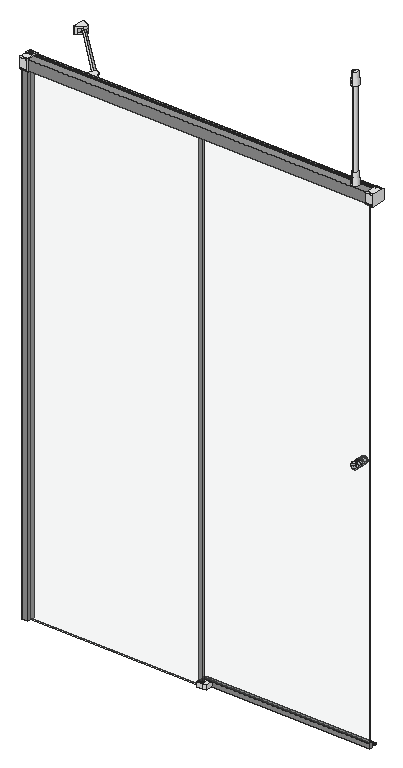
Revit family "Sanitary_Shower-screens_Duscholux_DuschoGravity_Separator-slider-door-shower", category Plumbing Fixtures, Revit 2016
Family settings
  Part Type = Normal
  Round Connector Dimension = Use Diameter
  OmniClass Number = 23.45.00.00
  OmniClass Title = Sanitary, Laundry, and Cleaning Equipment
  Work Plane-Based = No
  Always vertical = Yes
  Cut with Voids When Loaded = No
  Shared = No
  Room Calculation Point = No
Parameters (values of type "Platinum Aluminium Finish")
  Technical Inspection Certificate (Applus) = "http://www.duscholux.es/resources/custom/var/APPLUS_en.pdf"
  Ref. = "KOI / KOD"
  Opening System Image = "http://blob.duscholux.es/pluma512/SDIzq1f1pcorredera.gif"
  Fact Sheet = "http://www.duscholux.es/resources/custom/var/APPLUS_en.pdf"
  Width = 1400 mm
  Visibility Vertical Supportl = if(Min Max Width > 900 mm, 1 < 2, 1 > 2)  # yes
  Vertical Support Lenght = 400 mm
  Uniclass 2015 Description = "Shower Enclosures"
  Uniclass 2015 Code = "PR-40-20-06-79"
  URL = "http://www.duscholux.es/"
  UNSPSC Code = "30181507"
  Thickness Safety Glass Sliding = 5 mm  # constant formula
  Thickness Safety Glass Fixed Panel = 8 mm  # constant formula
  Wall Support Lenght = sqrt(D1 ^ 2 + D1 ^ 2)  # 299.955 mm
  Sliding Door Width = (Min Max Width / 2) - 42 mm + 14 mm  # 672 mm
  Series = "DuschoGravity"
  Region South America = "Consult"
  Region Oceania = "Consult"
  Region North America = "Consult"
  Region Middle East = "Consult"
  Region Europe = "AD, ES, FR, PT"
  Region Asia = "Consult"
  Region Antartica = "Consult"
  Region Africa = "Consult"
  Products = "http://www.duscholux.es/mamparas_filtro.aspx?es"
  Product group = "Slider door (Separator)"
  Product family = "Duscho Gravity"
  Optional = "Towel rail / Shelf"
  Opening System = "Sliding"
  Opening Percentage = 0
  Opening Door = ((Min Max Width / 2) - 140 mm) * Opening Percentage / 100  # 0 mm
  Net Weight (Kg) = 34
  NBS Reference Description = "Shower Enclosures"
  NBS Reference Code = "45-35-70"
  Model = ""
  Min Max Width = if(Width < 700 mm, 700 mm, if(Width > 1400 mm, 1400 mm, Width))  # 1400 mm
  Max Height = if(Height > 2000 mm, 2000 mm, Height)  # 2000 mm
  Manufacturer name = "Duscholux Ibérica, S.A."
  Manufacturer country = "Spain"
  Maintenance and Cleaning = "http://www.duscholux.es/mamparas_limpieza.aspx?en"
  Image = "http://www.duscholux.es/resources/custom/img/mamparas/DUSCHO%20GRAVITY/modelos/1F1PSDC/mampara_h.jpg"
  IFC Classification = "Furnishing Element"
  Height = 2000 mm
  Handle Material = Chrome_Finish
  Handle Height = Max Height / 2  # 1000 mm
  Glass in Building UNE EN 12150 = "CE Conformity marking"
  Glass Material = Glass_Material-Duscholux
  Frame Material = Platinum Aluminium Finish
  Manufacturer = "Duscholux Ibérica, S.A."
  Environmental Management ISO 14001 = "ECOEMBES Certificate"
  Edition number = "1"
  Design country = "Spain / Germany"
  Description = "Front 1 fixed + 1 sliding door shower"
  Date of publishing = ""
  D1 = 212.1 mm
  Assembly Code = "C1030200"
  Configuration enclosure = "http://configuratumampara.duscholux.es/eCatalogo.aspx"
  Components = "Eropean components"
  Type Comments = ""
  Certified Quality UNE EN 14428 = "http://www.duscholux.es/duscholux_downloads.aspx?es"
  COBIe Type Category = ""
  Brand = "Duscholux"
  Anti-Lime Treatment = "FeelNet 3D Included"
  Accesories Material = Chrome_Finish
Types (4, lengths in mm): name | Fact Sheet | Handle Material | Frame Material | Accesories Material
  (no name) | "http://www.duscholux.es/resources/custom/var/APPLUS_en.pdf" | Chrome_Finish | Platinum Aluminium Finish | Chrome_Finish
  Platinum Aluminium Finish | "http://www.duscholux.es/resources/custom/var/APPLUS_en.pdf" | Chrome_Finish | Platinum Aluminium Finish | Chrome_Finish
  Silver Matt Aluminium Finish | "http://www.duscholux.es/resources/custom/var/APPLUS_en.pdf" | Chrome_Finish | Silver Matt Aluminium Finish | Chrome_Finish
  White Aluminium Finish | "http://blob.duscholux.es/enpdf2018/Gravity1F1PSD.pdf" | White Finish | White Aluminium Finish | White Finish
Reference planes
  plane 1 "Centro (Frontal/Posterior)": y = 0
  plane 2: z = 0
  plane 3 "Centro (Izquierda/Derecha)": x = 0
  plane 4: y = 4
  plane 5: y = -4
  plane 6: z = 1959.85
  plane 7: z = 2000
  plane 8: x = 1400
  plane 9: x = 700
  plane 10: x = 9
  plane 11: z = 1985
  plane 12: y = 23.487
  plane 13: z = 1000
  plane 14: x = 714
  plane 15: x = 686
  plane 16: x = 1372
  plane 17: x = 1398
  plane 18: x = 1358
Forms (mm)
  Extrusion 1, solid, material "Platinum Aluminium Finish" <- "Frame Material"
    sketch origin (0, 0, 0) x (1, 0, 0) y (0, 1, 0)
      loop
        line (0, -10.5) -> (26.5, -10.5) -> (26.5, -4.3) -> (15.85, -4.3) -> (15.85, -9) -> (1.5, -9) -> (1.5, 0) -> (1.5, 13.2) -> (15.85, 13.2) -> (15.85, 4.3) -> (26.5, 4.3) -> (26.5, 14.7) -> (0, 14.7) -> (0, -10.5)
    from 0 to 1959.85
  Extrusion 2, solid, material "Platinum Aluminium Finish" <- "Frame Material"
    sketch origin (0, 0, 0) x (0, 1, 0) y (0, 0, 1)
      loop
        arc (33.069, 1997) -> (32.191, 1999.121) -> (30.069, 2000) r 3
        line (30.069, 2000) -> (21.519, 2000) -> (21.519, 1997.261) -> (12.519, 1997.261) -> (12.519, 2000) -> (-16, 2000) -> (-16, 1959.85) -> (-6.5, 1959.85) -> (-6.5, 1994) -> (0, 1994) -> (6.5, 1994) -> (6.5, 1959.85) -> (18.5, 1959.85) -> (18.5, 1963.85) -> (9.5, 1963.85) -> (9.5, 1995.261) -> (23.519, 1995.261) -> (23.519, 1998.011) -> (31.069, 1998.011) -> (31.069, 1961.861) -> (29.669, 1961.861) -> (29.669, 1959.861) -> (33.069, 1959.861) -> (33.069, 1997)
      loop
        line (-13, 1991.05) -> (-13, 1963.879) -> (-9.5, 1963.879) -> (-9.5, 1991.05) -> (-13, 1991.05)
    from 0 to 1398
  Extrusion 3, solid, material "Glass_Material-Duscholux" <- "Glass Material"
    sketch origin (0, 0, 0) x (1, 0, 0) y (0, 1, 0)
      loop
        line (9, 4) -> (9, -4) -> (714, -4) -> (714, 4) -> (9, 4)
    from 2 to 1985
  Extrusion 4, solid, material "Chrome_Finish" <- "Accesories Material"
    sketch origin (-44.392, 49.436, 0) x (1, 0, 0) y (0, 1, 0)
      loop
        line (738.392, -57.436) -> (760.392, -57.436) -> (773.392, -53.436) -> (773.392, -18.436) -> (738.392, -18.436) -> (738.392, -57.436)
    from 0 to 18
  Extrusion 5, void
    sketch origin (0, 0, 0) x (1, 0, 0) y (0, 1, 0)
      loop
        line (694, 4) -> (694, -4) -> (714, -4) -> (714, 4) -> (694, 4)
    from 2 to 18
  Extrusion 6, void
    sketch origin (0, 0, 0) x (1, 0, 0) y (0, 1, 0)
      loop
        line (694, 27.487) -> (694, 19.487) -> (729, 19.487) -> (729, 27.487) -> (694, 27.487)
    from 2 to 18
  Extrusion 7, solid, material "Glass_Material-Duscholux" <- "Glass Material"
    sketch origin (60.041, 0, 0) x (1, 0, 0) y (0, 1, 0)
      loop
        line (1297.959, 25.987) -> (625.959, 25.987) -> (625.959, 20.987) -> (1297.959, 20.987) -> (1297.959, 25.987)
    from 3.238 to 1985
  Extrusion 8, solid, material "Chrome_Finish" <- "Accesories Material"
    sketch origin (0, 0, 0) x (0, 1, 0) y (0, 0, 1)
      loop
        line (12.519, 2005.435) -> (12.519, 2002.011) -> (-15, 2002.011)
        arc (-15, 2002.011) -> (-17.121, 2001.132) -> (-18, 1999.011) r 3
        line (-18, 1999.011) -> (-18, 1960.85)
        arc (-18, 1960.85) -> (-16.86, 1958.466) -> (-14.288, 1957.857) r 3.062
        line (-14.288, 1957.857) -> (-14.288, 1953.858) -> (-10.5, 1953.858) -> (-10.5, 1959.85) -> (-16, 1959.85) -> (-16, 2000) -> (30.069, 2000)
        arc (30.069, 2000) -> (32.191, 1999.121) -> (33.069, 1997) r 3
        line (33.069, 1997) -> (33.069, 1959.85) -> (14.7, 1959.85) -> (14.7, 1953.858) -> (18.488, 1953.858) -> (18.488, 1957.85) -> (32.069, 1957.85)
        arc (32.069, 1957.85) -> (34.191, 1958.729) -> (35.069, 1960.85) r 3
        line (35.069, 1960.85) -> (35.069, 1997.011)
        arc (35.069, 1997.011) -> (33.605, 2000.546) -> (30.069, 2002.011) r 5
        line (30.069, 2002.011) -> (21.49, 2002.011)
        arc (21.49, 2002.011) -> (20.786, 2004.401) -> (18.52, 2005.435) r 3
        line (18.52, 2005.435) -> (12.519, 2005.435)
    from 0 to 28
  Extrusion 9, solid, material "Plástico, transparente", detail levels fine
    sketch origin (0, 0, 0) x (0, 1, 0) y (0, 0, 1)
      loop
        line (19.487, 2) -> (27.487, 2) -> (27.487, 16.402) -> (48.009, 6.392) -> (48.009, 2.694)
        arc (48.009, 2.694) -> (48.748, 2.277) -> (49.487, 2.694) r 0.863
        line (49.487, 2.694) -> (49.487, 8.123) -> (26.761, 19.208)
        arc (26.761, 19.208) -> (26.201, 19.157) -> (25.987, 18.638) r 0.542
        line (25.987, 18.638) -> (26.237, 17.705) -> (26.237, 3.238) -> (20.737, 3.238) -> (20.737, 19.324) -> (19.487, 19.324) -> (19.487, 2)
    from 691 to 1358
  Extrusion 10, void
    sketch origin (0, 0, 0) x (0, 1, 0) y (0, 0, 1)
      loop
        line (31, 14.688) -> (31, 18) -> (27.487, 18) -> (27.487, 16.402) -> (31, 14.688)
    from 694 to 729
  Extrusion 11, solid, material "Plástico, transparente", detail levels fine
    sketch origin (-2.798, 0, 0) x (1, 0, 0) y (0, 1, 0)
      loop
        line (693.798, 26.237) -> (693.798, 27.487) -> (687.498, 27.487) -> (687.498, 19.487) -> (692.798, 19.487) -> (692.798, 5.757) -> (693.798, 5.757) -> (693.798, 20.757) -> (688.798, 20.757) -> (688.798, 26.237) -> (693.798, 26.237)
    from 2 to 1985
  Extrusion 12, solid, not visible
    sketch origin (62.199, -0.034, 0) x (1, 0, 0) y (0, 1, 0)
      loop
        line (752.972, 27.547) -> (749, 27.019)
        arc (749, 27.019) -> (748.57, 26.458) -> (749.132, 26.028) r 0.5
        line (749.132, 26.028) -> (753.6, 26.622) -> (753.6, 23.522) -> (753.6, 20.422) -> (749.132, 21.016)
        arc (749.132, 21.016) -> (748.57, 20.586) -> (749, 20.025) r 0.5
        line (749, 20.025) -> (752.972, 19.497)
        arc (752.972, 19.497) -> (756.439, 17.322) -> (760.531, 17.291) r 7.498
        arc (760.531, 17.291) -> (761.591, 18.007) -> (762, 19.219) r 2
        line (762, 19.219) -> (762, 23.522) -> (762, 27.825)
        arc (762, 27.825) -> (761.591, 29.037) -> (760.531, 29.753) r 2
        arc (760.531, 29.753) -> (756.439, 29.722) -> (752.972, 27.547) r 7.498
    from 0 to 1876.165
  Extrusion 13, solid, material "Chrome_Finish" <- "Accesories Material"
    sketch origin (0, 0, 0) x (0, 1, 0) y (0, 0, 1)
      loop
        arc (-15, 2002.011) -> (-17.121, 2001.132) -> (-18, 1999.011) r 3
        line (-18, 1999.011) -> (-18, 1960.85)
        arc (-18, 1960.85) -> (-17.121, 1958.729) -> (-15, 1957.85) r 3
        line (-15, 1957.85) -> (32.069, 1957.85)
        arc (32.069, 1957.85) -> (34.191, 1958.729) -> (35.069, 1960.85) r 3
        line (35.069, 1960.85) -> (35.069, 1997.011)
        arc (35.069, 1997.011) -> (33.605, 2000.546) -> (30.069, 2002.011) r 5
        line (30.069, 2002.011) -> (-15, 2002.011)
    from 1372 to 1400
  Extrusion 14, void
    sketch origin (0, 0, 0) x (0, 1, 0) y (0, 0, 1)
      loop
        line (-16, 2000) -> (-16, 1959.85) -> (33.069, 1959.85) -> (33.069, 1997)
        arc (33.069, 1997) -> (32.191, 1999.121) -> (30.069, 2000) r 3
        line (30.069, 2000) -> (-16, 2000)
    from 1372 to 1398
  Extrusion 15, void
    sketch origin (0, 0, 0) x (0, 1, 0) y (0, 0, 1)
      loop
        line (-16, 2000) -> (-16, 1959.85) -> (33.069, 1959.85) -> (33.069, 1997)
        arc (33.069, 1997) -> (32.191, 1999.121) -> (30.069, 2000) r 3
        line (30.069, 2000) -> (-16, 2000)
    from 1372 to 1398
Cuts and joins
  Extrusion 5, Extrusion 14, Extrusion 15 cuts Extrusion 3
  Extrusion 5, Extrusion 6, Extrusion 10 cuts Extrusion 4
  Extrusion 14, Extrusion 15 cuts Extrusion 1
  Extrusion 14, Extrusion 15 cuts Extrusion 8
  Extrusion 14, Extrusion 15 cuts Extrusion 13
Lines and regions (mm)
  model lines
    curve 1: line (304, 0, 2000) -> (304, 0, 1959.861)
Dimensions and locks
  equal spacing: plane 4, plane 1 "Centro (Frontal/Posterior)", plane 5
  "Thickness Safety Glass Fixed Panel": plane 4 to plane 5
  locked: plane 7 to plane 6 at 40.15
  equal spacing: plane 3 "Centro (Izquierda/Derecha)", plane 9, plane 8
  locked: plane 7 to plane 11 at 15
  locked: Extrusion 8 to plane 3 "Centro (Izquierda/Derecha)" at 28
  "Handle Height": plane 13 to level
  locked: plane 15 to plane 9 at 14
  locked: plane 9 to plane 14 at 14
  locked: plane 9 to cut or joined group of Extrusion 4, Extrusion 5, Extrusion 6, Extrusion 10 at 29
  locked: cut or joined group of Extrusion 4, Extrusion 5, Extrusion 6, Extrusion 10 to plane 9 at 6
  locked: nested 2 to Extrusion 7 at 45
  locked: Extrusion 7 to Extrusion 9 at 5
  locked: Extrusion 11 to Extrusion 11 at 1.3
  locked: Extrusion 11 to Extrusion 11 at 1
  locked: Extrusion 11 to Extrusion 11 at 6.3
  "Sliding Door Width": Extrusion 7 to Extrusion 7
  "Thickness Safety Glass Sliding": Extrusion 7 to Extrusion 7
  locked: nested 3 to plane 11 at 6
  Extrusion 15 to plane 6 = 40.15 mm
  locked: plane 8 to plane 16 at 28
  locked: plane 8 to plane 17 at 2
  locked: plane 8 to plane 18 at 42
  "Opening Door": Extrusion 7 to plane 18
  "Max Height": plane 7 to plane 2
  "Min Max Width": plane 3 "Centro (Izquierda/Derecha)" to plane 8
  aligned and locked: level to plane 2
  aligned and locked: plane 7 to Extrusion 2
  aligned and locked: Extrusion 2 to plane 6
  aligned and locked: Extrusion 1 to Extrusion 2
  aligned and locked: Extrusion 3 sketch curve to plane 4
  aligned and locked: plane 10 to Extrusion 3 sketch curve
  aligned and locked: Extrusion 3 sketch curve to plane 5
  aligned and locked: plane 11 to Extrusion 3
  aligned and locked: Extrusion 5 sketch curve to Extrusion 4
  aligned and locked: Extrusion 5 sketch curve to Extrusion 3
  aligned and locked: cut or joined group of Extrusion 4, Extrusion 5, Extrusion 6, Extrusion 10 to Extrusion 5
  aligned and locked: Extrusion 6 sketch curve to cut or joined group of Extrusion 4, Extrusion 5, Extrusion 6, Extrusion 10  (x2)
  aligned and locked: Extrusion 6 to cut or joined group of Extrusion 3, Extrusion 5, Extrusion 14, Extrusion 15
  aligned and locked: Extrusion 10 to cut or joined group of Extrusion 4, Extrusion 5, Extrusion 6, Extrusion 10
  aligned and locked: cut or joined group of Extrusion 4, Extrusion 5, Extrusion 6, Extrusion 10 to Extrusion 10
  aligned and locked: nested 1 to plane 13
  aligned and locked: plane 13 to nested 2
  aligned and locked: plane 14 to cut or joined group of Extrusion 3, Extrusion 5, Extrusion 14, Extrusion 15
  aligned and locked: Extrusion 9 to Extrusion 11
  aligned and locked: nested 1 to nested 2
  aligned and locked: Extrusion 11 to Extrusion 11
  aligned and locked: Extrusion 11 to Extrusion 7  (x2)
  aligned and locked: plane 11 to Extrusion 7
  aligned and locked: nested 3 to plane 3 "Centro (Izquierda/Derecha)"
  aligned and locked: plane 8 to cut or joined group of Extrusion 13, Extrusion 14, Extrusion 15
  aligned and locked: cut or joined group of Extrusion 13, Extrusion 14, Extrusion 15 to plane 16
  aligned and locked: Extrusion 14 to plane 16
  aligned and locked: plane 17 to Extrusion 14
  aligned and locked: plane 17 to Extrusion 2
  aligned and locked: Extrusion 15 to Extrusion 2
  aligned and locked: Extrusion 15 to plane 16
  aligned and locked: Extrusion 9 to Extrusion 7
  aligned and locked: nested 2 to nested 4
Automatic sketch dimensions
  Extrusion 1 sketch curve to plane 3 "Centro (Izquierda/Derecha)" = 0 mm
  plane 1 "Centro (Frontal/Posterior)" to Extrusion 1 sketch curve = 0 mm
  Extrusion 1 sketch curve to plane 3 "Centro (Izquierda/Derecha)" = 1.5 mm
  Extrusion 1 sketch curve to plane 10 = 6.85 mm  (x2)
  Extrusion 1 sketch curve to Extrusion 1 sketch curve = 10.65 mm
  plane 5 to Extrusion 1 sketch curve = 0.3 mm
  Extrusion 1 sketch curve to Extrusion 1 sketch curve = 0 mm
  Extrusion 1 sketch curve to plane 4 = 0.3 mm
  Extrusion 1 sketch curve to Extrusion 1 sketch curve = 1.5 mm  (x2)
  plane 5 to Extrusion 1 sketch curve = 5 mm
  Extrusion 2 sketch curve to plane 6 = 0 mm  (x2)
  Extrusion 2 sketch curve to plane 7 = 0 mm  (x2)
  Extrusion 2 sketch curve to plane 1 "Centro (Frontal/Posterior)" = 0 mm
  Extrusion 2 sketch curve to plane 5 = 2.5 mm
  Extrusion 2 sketch curve to Extrusion 2 sketch curve = 3 mm  (x3)
  Extrusion 2 sketch curve to Extrusion 2 sketch curve = 3.5 mm
  plane 4 to Extrusion 2 sketch curve = 2.5 mm
  Extrusion 2 sketch curve to Extrusion 2 sketch curve = 3.019 mm
  Extrusion 2 sketch curve to plane 12 = 0.032 mm
  plane 6 to Extrusion 2 sketch curve = 0.011 mm
  Extrusion 2 sketch curve to Extrusion 2 sketch curve = 1.4 mm
  Extrusion 2 sketch curve to Extrusion 2 sketch curve = 2 mm  (x2)
  plane 6 to Extrusion 2 sketch curve = 4 mm
  plane 6 to Extrusion 2 sketch curve = 4.029 mm
  plane 11 to Extrusion 2 sketch curve = 6.05 mm
  Extrusion 2 sketch curve to plane 7 = 6 mm
  Extrusion 2 sketch curve to plane 7 = 4.739 mm
  Extrusion 2 sketch curve to Extrusion 2 sketch curve = 2.739 mm
  Extrusion 2 sketch curve to plane 7 = 1.989 mm
  Extrusion 4 sketch curve to plane 5 = 0 mm
  Extrusion 4 sketch curve to plane 9 = 6 mm
  Extrusion 4 sketch curve to plane 5 = 4 mm
  Extrusion 5 sketch curve to plane 5 = 0 mm
  Extrusion 5 sketch curve to plane 4 = 0 mm
  Extrusion 8 sketch curve to plane 6 = 0 mm  (x2)
  Extrusion 8 sketch curve to plane 7 = 0 mm
  Extrusion 8 sketch curve to plane 7 = 0.989 mm
  Extrusion 8 sketch curve to plane 5 = 14 mm
  Extrusion 8 sketch curve to Extrusion 8 sketch curve = 2 mm
  plane 7 to Extrusion 8 sketch curve = 2.011 mm  (x2)
  Extrusion 8 sketch curve to Extrusion 8 sketch curve = 1.062 mm
  Extrusion 8 sketch curve to Extrusion 8 sketch curve = 1.712 mm
  Extrusion 8 sketch curve to Extrusion 8 sketch curve = 3.788 mm  (x2)
  Extrusion 8 sketch curve to Extrusion 8 sketch curve = 0 mm
  Extrusion 8 sketch curve to plane 6 = 2 mm
  Extrusion 8 sketch curve to Extrusion 8 sketch curve = 1 mm
  plane 6 to Extrusion 8 sketch curve = 1 mm
  Extrusion 8 sketch curve to plane 6 = 5.992 mm
  Extrusion 8 sketch curve to Extrusion 8 sketch curve = 3.992 mm
  Extrusion 8 sketch curve to plane 6 = 1.993 mm
  plane 7 to Extrusion 8 sketch curve = 2.435 mm
  Extrusion 9 sketch curve to Extrusion 9 sketch curve = 0.238 mm
  level to Extrusion 9 sketch curve = 6.392 mm
  Extrusion 9 sketch curve to Extrusion 9 sketch curve = 20.522 mm
  Extrusion 9 sketch curve to Extrusion 9 sketch curve = 0.739 mm
  Extrusion 9 sketch curve to Extrusion 9 sketch curve = 1.478 mm
  level to Extrusion 9 sketch curve = 3.238 mm
  level to Extrusion 9 sketch curve = 3.14 mm
  Extrusion 9 sketch curve to Extrusion 9 sketch curve = 0.446 mm
  Extrusion 9 sketch curve to Extrusion 9 sketch curve = 1.238 mm
  Extrusion 9 sketch curve to Extrusion 9 sketch curve = 1.731 mm
  Extrusion 9 sketch curve to Extrusion 9 sketch curve = 13.163 mm
  Extrusion 9 sketch curve to Extrusion 9 sketch curve = 1.303 mm
  Extrusion 9 sketch curve to Extrusion 9 sketch curve = 0.933 mm
  Extrusion 9 sketch curve to Extrusion 9 sketch curve = 0.083 mm
  Extrusion 9 sketch curve to Extrusion 9 sketch curve = 0.686 mm
  Extrusion 9 sketch curve to Extrusion 9 sketch curve = 1.25 mm  (x2)
  Extrusion 10 sketch curve to Extrusion 10 sketch curve = 3.513 mm
  level to Extrusion 10 sketch curve = 18 mm
  Extrusion 10 sketch curve to Extrusion 10 sketch curve = 1.598 mm
  Extrusion 10 sketch curve to Extrusion 10 sketch curve = 3.312 mm
  plane 9 to Extrusion 3 sketch curve = 14 mm
  plane 9 to Extrusion 4 sketch curve = 16 mm
  plane 9 to Extrusion 4 sketch curve = 29 mm
  Extrusion 7 sketch curve to plane 9 = 14 mm
  Extrusion 11 sketch curve to plane 15 = 0 mm
  Extrusion 11 sketch curve to plane 15 = 1.3 mm
  plane 15 to Extrusion 11 sketch curve = 4 mm
  plane 15 to Extrusion 11 sketch curve = 5 mm
  Extrusion 11 sketch curve to Extrusion 11 sketch curve = 1 mm
  Extrusion 11 sketch curve to Extrusion 11 sketch curve = 1.25 mm
  plane 4 to Extrusion 11 sketch curve = 1.757 mm
  Extrusion 1 sketch curve to Extrusion 1 sketch curve = 8.9 mm
  plane 12 to Extrusion 2 sketch curve = 4.987 mm
  plane 12 to Extrusion 2 sketch curve = 1.968 mm
  plane 12 to Extrusion 6 sketch curve = 4 mm
  plane 12 to Extrusion 7 sketch curve = 2.5 mm
  plane 4 to Extrusion 8 sketch curve = 8.519 mm
  plane 12 to Extrusion 8 sketch curve = 8.787 mm
  plane 12 to Extrusion 8 sketch curve = 4.967 mm
  plane 12 to Extrusion 8 sketch curve = 1.998 mm
  plane 12 to Extrusion 9 sketch curve = 2.75 mm
  plane 12 to Extrusion 11 sketch curve = 4 mm
  Extrusion 11 sketch curve to Extrusion 11 sketch curve = 1.27 mm
  Extrusion 2 sketch curve to plane 12 = 6.182 mm
  Extrusion 2 sketch curve to Extrusion 2 sketch curve = 1 mm
  Extrusion 4 sketch curve to plane 12 = 7.513 mm
  Extrusion 6 sketch curve to plane 12 = 4 mm
  Extrusion 7 sketch curve to plane 12 = 2.5 mm
  Extrusion 8 sketch curve to plane 12 = 6.582 mm
  Extrusion 8 sketch curve to plane 12 = 8.582 mm
  Extrusion 9 sketch curve to plane 12 = 2.5 mm
  Extrusion 9 sketch curve to Extrusion 9 sketch curve = 0.25 mm
  Extrusion 9 sketch curve to Extrusion 9 sketch curve = 0.536 mm
  Extrusion 10 sketch curve to plane 12 = 4 mm
  Extrusion 11 sketch curve to plane 12 = 2.75 mm
  Extrusion 12 sketch curve to Extrusion 12 sketch curve = 0 mm  (x2)
  Extrusion 12 sketch curve to Extrusion 12 sketch curve = 0.066 mm  (x4)
  Extrusion 12 sketch curve to Extrusion 12 sketch curve = 3.972 mm  (x2)
  Extrusion 12 sketch curve to Extrusion 12 sketch curve = 0.628 mm
  Extrusion 12 sketch curve to Extrusion 12 sketch curve = 4.94 mm
  Extrusion 12 sketch curve to Extrusion 12 sketch curve = 1.46 mm  (x2)
  Extrusion 12 sketch curve to Extrusion 12 sketch curve = 3.46 mm
  Extrusion 12 sketch curve to Extrusion 12 sketch curve = 0.496 mm  (x2)
  Extrusion 12 sketch curve to Extrusion 12 sketch curve = 0.925 mm  (x2)
  Extrusion 12 sketch curve to Extrusion 12 sketch curve = 3.305 mm  (x2)
  Extrusion 12 sketch curve to Extrusion 12 sketch curve = 3.1 mm  (x2)
  Extrusion 12 sketch curve to Extrusion 12 sketch curve = 3.027 mm
  Extrusion 12 sketch curve to Extrusion 12 sketch curve = 0.528 mm
  Extrusion 12 sketch curve to Extrusion 12 sketch curve = 0.997 mm
  Extrusion 12 sketch curve to Extrusion 12 sketch curve = 1.995 mm
  Extrusion 12 sketch curve to Extrusion 12 sketch curve = 1.519 mm
  curve 1 to plane 7 = 0 mm
  plane 6 to curve 1 = 0.011 mm
  plane 10 to curve 1 = 295 mm
  plane 6 to Extrusion 13 sketch curve = 1 mm  (x2)
  Extrusion 13 sketch curve to plane 5 = 14 mm
  plane 7 to Extrusion 13 sketch curve = 2.011 mm
  Extrusion 13 sketch curve to Extrusion 13 sketch curve = 3 mm
  Extrusion 13 sketch curve to plane 6 = 2 mm
  Extrusion 13 sketch curve to plane 7 = 2.989 mm
  Extrusion 13 sketch curve to plane 12 = 6.582 mm
  Extrusion 14 sketch curve to plane 6 = 0 mm
  Extrusion 14 sketch curve to plane 7 = 0 mm
  Extrusion 14 sketch curve to plane 5 = 12 mm
  Extrusion 14 sketch curve to plane 7 = 3 mm
  Extrusion 14 sketch curve to plane 12 = 6.582 mm
  Extrusion 15 sketch curve to plane 7 = 0 mm
  Extrusion 15 sketch curve to plane 6 = 0 mm
  Extrusion 15 sketch curve to plane 5 = 12 mm
  Extrusion 15 sketch curve to plane 7 = 3 mm
  Extrusion 15 sketch curve to plane 12 = 6.582 mm
  Extrusion 7 sketch curve to plane 16 = 14 mm
Nested families
  nested 1: "Handle-Gravity" at (1313, 20.987, 1000) x (1, 0, 0) z (0, -1, 0), type "Handle-Gravity", detail levels medium+fine
  nested 2: "Handle-Gravity" at (1313, 25.987, 1000) x (1, 0, 0) z (0, 1, 0), type "Handle-Gravity", detail levels medium+fine
  nested 3: "Wall-Support" at (237.1, 33.069, 1979) x (-1, 0, 0) z (0, 1, 0), type "Wall-Support"
    with Longitud 299.955 mm, D1 212.1 mm
  nested 4: "Vertical-Support" at (1313, 3.5, 2000) x (0, -1, 0) z (0, 0, 1), type "Vertical-Support", detail levels medium+fine
    with Long 400 mm
Definition of nested family "Handle-Gravity"
  Parameters (values of type "Tirador311489")
    Handle Material = none
    Default Elevation = 1219.2 mm
  Reference planes
    plane 1 "Centro (Frontal/Posterior)": y = 0
    plane 2: z = 0
    plane 3 "Centro (Izquierda/Derecha)": x = 0
  Forms (mm)
    Extrusion 1, solid
      sketch origin (0, 0, 0) x (1, 0, 0) y (0, 1, 0)
        loop
          line (-1219.2, 1219.2) -> (-1219.2, -1219.2) -> (1219.2, -1219.2) -> (1219.2, 1219.2) -> (-1219.2, 1219.2)
      from 0 to -304.8
    Revolve 2, solid
      sketch origin (-255.555, 0, -108.84) x (1, 0, 0) y (0, 0, 1)
        loop
          arc (255.555, 132.84) -> (249.874, 132.609) -> (244.231, 131.918) r 70
          arc (244.231, 131.918) -> (243.027, 131.235) -> (242.555, 129.934) r 2
          line (242.555, 129.934) -> (242.555, 127.939) -> (244.555, 127.403) -> (244.555, 113.44) -> (242.555, 112.904) -> (242.555, 108.84) -> (255.555, 108.84) -> (255.555, 132.84)
        axis (255.555, 132.84) -> (255.555, 108.84)
      angle from 0 to 360
  Dimensions and locks
    aligned and locked: plane 2 to Extrusion 1
    aligned and locked: level to Extrusion 1
Definition of nested family "Wall-Support"
  Parameters (values of type "3300-3301-3303")
    Longitud = sqrt(D1 ^ 2 + D1 ^ 2)  # 353.553 mm
    Default Elevation = 1219.2 mm
    D1 = 250 mm
    Accesories Material = none
  Reference planes
    plane 1 "Centro (Frontal/Posterior)": y = 0
    plane 2: z = 0
    plane 3 "Centro (Izquierda/Derecha)": x = 0
    plane 4: y = 14
    plane 5: y = -14
    plane 6: y = 8
    plane 7: y = -8
    plane 8: through (0, -4572, 25) normal (-0.7071, 0, -0.7071)
    plane 9: through (250, -4572, 275) normal (-0.7071, 0, -0.7071)
    plane 10: x = 250
    plane 11: z = 25
    plane 12: z = 275
    plane 13: x = 275
    plane 14: through (0, -4572, 25) normal (-0.7071, 0, 0.7071)
  Forms (mm)
    Extrusion 1, solid
      sketch origin (0, 0, 0) x (1, 0, 0) y (0, 1, 0)
        loop
          line (-1219.2, 1219.2) -> (-1219.2, -1219.2) -> (1219.2, -1219.2) -> (1219.2, 1219.2) -> (-1219.2, 1219.2)
      from 0 to -304.8
    Extrusion 2, solid, material <- "Accesories Material"
      sketch origin (0, 0, 0) x (1, 0, 0) y (0, 0, 1)
        loop
          arc (8.828, 29.697) -> (0, 35) -> (-8.828, 29.697) r 10
          line (-8.828, 29.697) -> (-22.5, 4) -> (-22.5, 0) -> (22.5, 0) -> (22.5, 4) -> (8.828, 29.697)
      from -14 to 14
    Extrusion 3, void
      sketch origin (0, 0, 0) x (1, 0, 0) y (0, 0, 1)
        loop
          line (-17.712, 13) -> (17.712, 13) -> (8.828, 29.697)
          arc (8.828, 29.697) -> (0, 35) -> (-8.828, 29.697) r 10
          line (-8.828, 29.697) -> (-17.712, 13)
      from -8 to 8
    Extrusion 4, solid, material <- "Accesories Material"
      sketch origin (0, 0, 0) x (1, 0, 0) y (0, 0, 1)
        loop
          circle (0, 25) r 8.986
      from -8 to 8
    Extrusion 5, solid, material <- "Accesories Material"
      sketch origin (275, 0, 285) x (0, 0, 1) y (-1, 0, 0)
        loop
          arc (-1.172, 29.697) -> (-10, 35) -> (-18.828, 29.697) r 10
          line (-18.828, 29.697) -> (-32.5, 4) -> (-32.5, 0) -> (12.5, 0) -> (12.5, 4) -> (-1.172, 29.697)
      from -14 to 14
    Extrusion 6, void
      sketch origin (0, 0, 0) x (1, 0, 0) y (0, 0, 1)
        loop
          line (262, 292.712) -> (245.303, 283.828)
          arc (245.303, 283.828) -> (240, 275) -> (245.303, 266.172) r 10
          line (245.303, 266.172) -> (262, 257.288) -> (262, 292.712)
      from -8 to 8
    Extrusion 7, solid, material <- "Accesories Material"
      sketch origin (0, 0, 0) x (1, 0, 0) y (0, 0, 1)
        loop
          circle (250, 275) r 8.966
      from -8 to 8
    Extrusion 8, solid, material <- "Accesories Material"
      sketch origin (17.678, 0, 7.322) x (0, 1, 0) y (-0.707107, 0, 0.707107)
        loop
          circle (0, 25) r 5
      from 0 to 353.553
  Cuts and joins
    Extrusion 3 cuts Extrusion 2
    Extrusion 6 cuts Extrusion 5
    joined: Extrusion 4, Extrusion 7, Extrusion 8
  Dimensions and locks
    equal spacing: plane 4, plane 1 "Centro (Frontal/Posterior)", plane 5
    "D1": plane 10 to plane 3 "Centro (Izquierda/Derecha)"
    "D1": plane 12 to plane 11
    locked: plane 11 to Extrusion 1 at 25
    locked: plane 13 to plane 10 at 25
    "Longitud": plane 8 to plane 9
    locked: cut or joined group of Extrusion 5, Extrusion 6 to plane 10 at 12
    locked: cut or joined group of Extrusion 5, Extrusion 6 to plane 12 at 22.5
    locked: plane 12 to cut or joined group of Extrusion 5, Extrusion 6 at 22.5
    aligned and locked: plane 2 to Extrusion 1
    aligned and locked: level to Extrusion 1
    aligned and locked: level to Extrusion 2 sketch curve
    aligned and locked: plane 7 to Extrusion 3
    aligned and locked: Extrusion 3 to plane 6
    aligned and locked: cut or joined group of Extrusion 2, Extrusion 3 to Extrusion 4  (x2)
    aligned and locked: Extrusion 6 to plane 6
    aligned and locked: plane 7 to Extrusion 6
    aligned and locked: Extrusion 7 to plane 6
    aligned and locked: plane 7 to Extrusion 7
    aligned and locked: plane 14 to Extrusion 8
    aligned and locked: Extrusion 8 to plane 9
    aligned and locked: plane 8 to Extrusion 8
  Automatic sketch dimensions
    Extrusion 1 sketch curve to Extrusion 1 sketch curve = 2438.4 mm  (x2)
    Extrusion 2 sketch curve to plane 3 "Centro (Izquierda/Derecha)" = 0 mm
    plane 8 to Extrusion 2 sketch curve = 0 mm
    Extrusion 2 sketch curve to plane 3 "Centro (Izquierda/Derecha)" = 8.828 mm
    Extrusion 2 sketch curve to plane 3 "Centro (Izquierda/Derecha)" = 22.5 mm
    plane 11 to Extrusion 2 sketch curve = 4.697 mm
    plane 3 "Centro (Izquierda/Derecha)" to Extrusion 2 sketch curve = 8.828 mm
    level to Extrusion 2 sketch curve = 4 mm
    plane 3 "Centro (Izquierda/Derecha)" to Extrusion 2 sketch curve = 22.5 mm
    Extrusion 2 sketch curve to Extrusion 2 sketch curve = 4 mm
    Extrusion 3 sketch curve to plane 3 "Centro (Izquierda/Derecha)" = 0 mm
    plane 8 to Extrusion 3 sketch curve = 0 mm
    Extrusion 3 sketch curve to plane 3 "Centro (Izquierda/Derecha)" = 8.828 mm
    Extrusion 3 sketch curve to plane 3 "Centro (Izquierda/Derecha)" = 17.712 mm
    plane 11 to Extrusion 3 sketch curve = 4.697 mm
    plane 3 "Centro (Izquierda/Derecha)" to Extrusion 3 sketch curve = 8.828 mm
    plane 3 "Centro (Izquierda/Derecha)" to Extrusion 3 sketch curve = 17.712 mm
    Extrusion 3 sketch curve to plane 11 = 12 mm
    Extrusion 4 sketch curve to plane 3 "Centro (Izquierda/Derecha)" = 0 mm
    plane 8 to Extrusion 4 sketch curve = 0 mm
    Extrusion 5 sketch curve to plane 13 = 4 mm  (x2)
    plane 11 to Extrusion 5 sketch curve = 227.5 mm
    Extrusion 5 sketch curve to plane 10 = 4.697 mm  (x2)
    Extrusion 5 sketch curve to Extrusion 5 sketch curve = 13.672 mm  (x2)
    Extrusion 5 sketch curve to Extrusion 5 sketch curve = 8.828 mm
    Extrusion 5 sketch curve to Extrusion 5 sketch curve = 4 mm
    plane 10 to Extrusion 5 sketch curve = 0 mm
    plane 9 to Extrusion 6 sketch curve = 0 mm
    Extrusion 6 sketch curve to plane 10 = 0 mm
    Extrusion 6 sketch curve to plane 10 = 4.697 mm  (x2)
    plane 10 to Extrusion 6 sketch curve = 12 mm
    plane 12 to Extrusion 6 sketch curve = 8.828 mm
    plane 12 to Extrusion 6 sketch curve = 17.712 mm
    Extrusion 6 sketch curve to plane 12 = 17.712 mm
    plane 9 to Extrusion 7 sketch curve = 0 mm
    Extrusion 7 sketch curve to plane 10 = 0 mm
    plane 1 "Centro (Frontal/Posterior)" to Extrusion 8 sketch curve = 0 mm
    radius of Extrusion 4 sketch curve = 8.986 mm
    radius of Extrusion 7 sketch curve = 8.966 mm
    radius of Extrusion 8 sketch curve = 5 mm
Definition of nested family "Vertical-Support"
  Parameters (values of type "8047")
    Visibility = yes
    Long = 600 mm
    Default Elevation = 1219.2 mm
    Accesories Material = none
  Reference planes
    plane 1 "Centro (Frontal/Posterior)": y = 0
    plane 2: z = 0
    plane 3 "Centro (Izquierda/Derecha)": x = 0
    plane 4: z = 0
    plane 5: z = 600
  Forms (mm)
    Extrusion 1, solid
      sketch origin (0, 0, 0) x (1, 0, 0) y (0, 1, 0)
        loop
          line (-1219.2, 1219.2) -> (-1219.2, -1219.2) -> (1219.2, -1219.2) -> (1219.2, 1219.2) -> (-1219.2, 1219.2)
      from 0 to -304.8
    Blend 2, solid, material <- "Accesories Material", visible <- "Visibility"
      base sketch origin (0, 0, 0) x (1, 0, 0) y (0, 1, 0)
        loop
          circle (0, 0) r 13.976
      top sketch origin (0, 0, 0) x (1, 0, 0) y (0, 1, 0)
        loop
          circle (0, 0) r 10
      from 0 to 45
    Blend 3, void
      base sketch origin (0, 0, 0) x (1, 0, 0) y (0, 1, 0)
        loop
          circle (0, 0) r 13.2
      top sketch origin (0, 0, 0) x (1, 0, 0) y (0, 1, 0)
        loop
          circle (0, 0) r 9.183
      from 0 to 43.7
    Extrusion 4, solid, material <- "Accesories Material", visible <- "Visibility"
      sketch origin (0, 0, 0) x (1, 0, 0) y (0, 1, 0)
        loop
          circle (0, 0) r 7.512
      from 45 to 555
    Blend 5, solid, material <- "Accesories Material", visible <- "Visibility"
      base sketch origin (0, 0, 680.924) x (0, -1, 0) y (1, 0, 0)
        loop
          circle (0, 0) r 13.976
      top sketch origin (0, 0, 680.924) x (0, -1, 0) y (1, 0, 0)
        loop
          circle (0, 0) r 10
      from -125.924 to -80.924
    Blend 6, void
      base sketch origin (0, 0, 680.924) x (0, -1, 0) y (1, 0, 0)
        loop
          circle (0, 0) r 13.2
      top sketch origin (0, 0, 680.924) x (0, -1, 0) y (1, 0, 0)
        loop
          circle (0, 0) r 9.183
      from -125.924 to -82.224
  Cuts and joins
    Blend 3, Blend 6 cuts Blend 2
    Blend 6 cuts Blend 5
    joined: Blend 2, Extrusion 4, Blend 5
  Dimensions and locks
    locked: cut or joined group of Blend 2, Blend 3, Extrusion 4, Blend 5, Blend 6 to cut or joined group of Blend 2, Blend 3, Extrusion 4, Blend 5, Blend 6 at 45
    "Long": plane 5 to plane 4
    locked: cut or joined group of Blend 2, Blend 3, Extrusion 4, Blend 5, Blend 6 to cut or joined group of Blend 2, Blend 3, Extrusion 4, Blend 5, Blend 6 at 43.7
    aligned and locked: plane 2 to Extrusion 1
    aligned and locked: level to Extrusion 1
    aligned and locked: plane 4 to level
    aligned and locked: Extrusion 4 to cut or joined group of Blend 2, Blend 3, Extrusion 4, Blend 5, Blend 6
    aligned and locked: plane 5 to cut or joined group of Blend 2, Blend 3, Extrusion 4, Blend 5, Blend 6
    aligned and locked: cut or joined group of Blend 2, Blend 3, Extrusion 4, Blend 5, Blend 6 to cut or joined group of Blend 2, Blend 3, Extrusion 4, Blend 5, Blend 6
    aligned and locked: Blend 6 to Extrusion 4
  Automatic sketch dimensions
    Extrusion 1 sketch curve to Extrusion 1 sketch curve = 2438.4 mm  (x2)
    plane 1 "Centro (Frontal/Posterior)" to Blend 2 sketch curve = 0 mm  (x2)
    Blend 2 sketch curve to plane 3 "Centro (Izquierda/Derecha)" = 0 mm  (x2)
    plane 1 "Centro (Frontal/Posterior)" to Blend 3 sketch curve = 0 mm  (x2)
    Blend 3 sketch curve to plane 3 "Centro (Izquierda/Derecha)" = 0 mm  (x2)
    plane 1 "Centro (Frontal/Posterior)" to Extrusion 4 sketch curve = 0 mm
    Extrusion 4 sketch curve to plane 3 "Centro (Izquierda/Derecha)" = 0 mm
    plane 1 "Centro (Frontal/Posterior)" to Blend 5 sketch curve = 0 mm  (x2)
    Blend 5 sketch curve to plane 3 "Centro (Izquierda/Derecha)" = 0 mm  (x2)
    plane 1 "Centro (Frontal/Posterior)" to Blend 6 sketch curve = 0 mm  (x2)
    Blend 6 sketch curve to plane 3 "Centro (Izquierda/Derecha)" = 0 mm  (x2)
    radius of Blend 2 sketch curve = 13.976 mm
    radius of Blend 2 sketch curve = 10 mm
    radius of Blend 3 sketch curve = 13.2 mm
    radius of Blend 3 sketch curve = 9.183 mm
    radius of Extrusion 4 sketch curve = 7.512 mm
    radius of Blend 5 sketch curve = 13.976 mm
    radius of Blend 5 sketch curve = 10 mm
    radius of Blend 6 sketch curve = 13.2 mm
    radius of Blend 6 sketch curve = 9.183 mm
